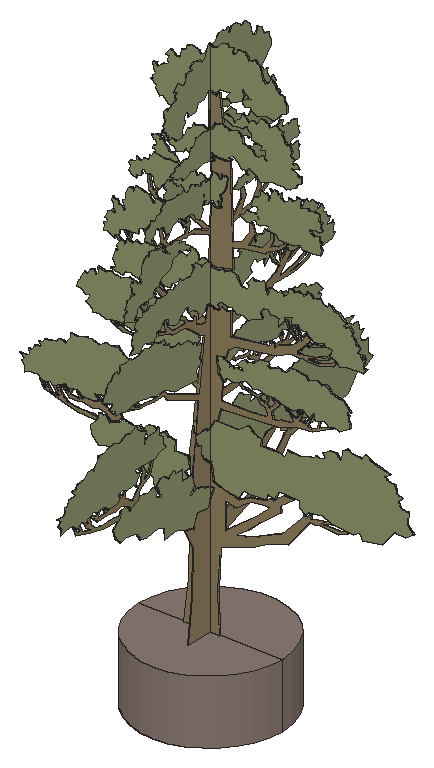
Revit family "L-PL상록교목_섬잣나무", category 수목, Revit 2019
Family settings
  OmniClass 번호 = 23.40.05.00
  OmniClass 제목 = Plants and Planting Products
  작업 기준면 기반 = 아니오
  항상 수직 = 예
  로드될 때 보이드를 사용하여 절단 = 아니오
  렌더 모양 소스 = 패밀리 형상
  공유 = 아니오
Parameters (values of type "섬잣나무")
  한국산업규격KS = ""
  콘 높이 = 뿌리분 직경 / 4  # 272.5 mm
  조달청표준공사코드-세부공종 = "10161599202809"
  뿌리분 직경 = (24 mm + ((R / 10) - 3 mm) * 5) * 10  # 1090 mm
  뿌리분 높이 = 뿌리분 직경 / 2  # 545 mm
  높이 = 5000 mm
  건설정보분류체계-부위분류 = "E985"
  R = 200 mm
  LIM_INFO_주의사항 = "재배포, 재가공, 판매 금지"
  LIM_INFO_제작일 = "20211210"
  LIM_INFO_버전 = "2022_V01"
  LIM_INFO_PL_학명 = "Quercus myrsinaefolia Bl."
  LIM_INFO_PL_품명 = "가시나무"
  LIM_INFO_PL_주당인정수량 = 0
  LIM_INFO_PL_수목단위 = "주"
  LIM_INFO_PL_규격 = "5.0H X 18R"
  LIM_INFO_PL_구분 = "상록교목"
  LIM_INFO_PL_가격 = 0
  LIM_INFO_PL_Qty [instance] = 0
  LIM_INFO_PL_M2당수량 = 0
  KBIMS_식별-버전 = ""
  KBIMS_식별-bSK등록번호 = ""
  KBIMS_보급정보-저작자 = "림인포테크_MMJ"
  KBIMS_보급정보-보급코드 = ""
  H = 높이  # 5000 mm
Reference planes
  plane 1 "중심(앞/뒤)": y = 0
  plane 2: z = 0
  plane 3 "중심(왼쪽/오른쪽)": x = 0
  plane 4: x = 482.5
  plane 5: x = -607.5
  plane 6: z = -545
  plane 7: z = -817.5
  plane 8: z = 5000
  plane 9: x = -100
  plane 10: x = 100
Forms (mm)
  Revolve 1, solid, material "흙"
    sketch origin (0, 0, 0) x (1, 0, 0) y (0, 0, 1)
      loop
        line (0, 0) -> (-607.5, 0) -> (-607.5, -545) -> (0, -545) -> (0, 0)
      axis (0, 0) -> (0, -545)
    angle from 0 to 360
  Revolve 2, solid, material "흙"
    sketch origin (0, 0, 0) x (1, 0, 0) y (0, 0, 1)
      loop
        line (0, -545) -> (-607.5, -545) -> (0, -817.5) -> (0, -545)
      axis (0, -545) -> (0, -817.5)
    angle from 0 to 360
Dimensions and locks
  "뿌리분 직경": plane 4 to plane 5
  "뿌리분 높이": plane 6 to level
  "콘 높이": plane 7 to plane 6
  "H": level to plane 8
  "R": plane 9 to plane 10
  aligned and locked: level to plane 2
Automatic sketch dimensions
  Revolve 1 sketch curve to level = 0 mm  (x2)
  Revolve 1 sketch curve to plane 5 = 0 mm
  Revolve 1 sketch curve to plane 3 "중심(왼쪽/오른쪽)" = 0 mm  (x2)
  Revolve 1 sketch curve to plane 6 = 0 mm  (x2)
  Revolve 2 sketch curve to plane 5 = 0 mm
  Revolve 2 sketch curve to plane 3 "중심(왼쪽/오른쪽)" = 0 mm  (x2)
  Revolve 2 sketch curve to plane 7 = 0 mm  (x2)
  Revolve 2 sketch curve to plane 6 = 0 mm  (x2)
Nested families
  nested 1: "섬잣나무_base" at (0, 0, 0), type "섬잣나무_base"
Definition of nested family "섬잣나무_base"
  Parameters (values of type "섬잣나무_base")
    Height = 6000 mm
  Reference planes
    plane 1 "중심(앞/뒤)": y = 0
    plane 2: z = 0
    plane 3 "중심(왼쪽/오른쪽)": x = 0
  Forms (mm)
    Revolve 1, solid, detail levels coarse
      sketch origin (-3.825, -0.971, 0) x (1, 0, 0) y (0, 0, 1)
        loop
          line (0, 4453.585) -> (-433.013, 4279.985) -> (-1475.227, 1440) -> (-100, 1440) -> (-100, 0) -> (0, 0) -> (0, 4453.585)
        axis (0, 4453.585) -> (0, 0)
      angle from 0 to 360
    Extrusion 2, solid, detail levels fine
      sketch origin (-3.825, -0.971, 0) x (1, 0, 0) y (0, 0, 1)
        loop
          line (100.99, 4484.287) -> (72.119, 4444.933) -> (30.126, 4434.438) -> (-0.057, 4453.46) -> (-43.678, 4358.19) -> (-77.054, 4345.106) -> (-88.834, 4367.349) -> (-154.279, 4382.396) -> (-196.163, 4360.153) -> (-189.618, 4333.33) -> (-238.047, 4325.48) -> (-246.555, 4271.181) -> (-270.769, 4254.172) -> (-327.051, 4295.386) -> (-370.899, 4242.396) -> (-336.868, 4235.854) -> (-355.847, 4205.76) -> (-342.758, 4176.321) -> (-390.31, 4161.808) -> (-434.696, 4127.226) -> (-455.583, 4141.581) -> (-439.918, 4155.936) -> (-477.124, 4146.148) -> (-470.596, 4098.516) -> (-458.194, 4067.848) -> (-482.998, 4040.443) -> (-468.638, 4008.471) -> (-498.011, 4012.386) -> (-446.445, 3977.151) -> (-452.32, 3961.491) -> (-418.377, 3908.639) -> (-394.879, 3922.341) -> (-345.923, 3869.489) -> (-291.094, 3872.099) -> (-287.177, 3917.774) -> (-254.54, 3964.101) -> (-264.984, 4020.216) -> (-224.514, 4048.926) -> (-217.762, 3996.193) -> (-142.045, 3998.151) -> (-119.852, 4050.351) -> (-60.453, 4054.918) -> (-18.678, 4109.728) -> (59.651, 4092.763) -> (88.371, 4129.956) -> (174.532, 4134.523) -> (143.854, 4099.288) -> (184.976, 4064.053) -> (235.237, 4092.111) -> (278.318, 4116.253) -> (291.372, 4154.098) -> (280.928, 4195.858) -> (349.466, 4149.53) -> (316.829, 4141.701) -> (284.192, 4104.508) -> (294.636, 4073.841) -> (345.529, 4080.893) -> (360.126, 4065.259) -> (404.961, 4038.159) -> (476.904, 4066.301) -> (542.592, 4051.709) -> (591.71, 4097.931) -> (618.099, 4131.615) -> (652.201, 4149.066) -> (653.006, 4207.588) -> (631.083, 4235.996) -> (631.489, 4268.462) -> (601.041, 4273.332) -> (564.642, 4298.817) -> (552.495, 4339.699) -> (512.619, 4362.941) -> (510.555, 4330.966) -> (476.505, 4315.494) -> (450.389, 4333.968) -> (431.029, 4414.203) -> (384.242, 4460.973) -> (328.178, 4435.168) -> (324.952, 4460.973) -> (291.475, 4485.97) -> (235.684, 4483.276) -> (226.315, 4434.438) -> (192.851, 4449.524) -> (202.038, 4488.879) -> (166.605, 4475.105) -> (146.921, 4496.75) -> (100.99, 4484.287)
        loop
          line (192.071, 3892.995) -> (219.184, 3904.233) -> (280.085, 3900.216) -> (313.724, 3932.524) -> (328.894, 3906.15) -> (357.257, 3893.623) -> (356.597, 3844.172) -> (402.109, 3840.875) -> (444.982, 3823.732) -> (435.747, 3800.655) -> (474.663, 3800.655) -> (477.549, 3795.503) -> (477.549, 3742.056) -> (482.076, 3731.939) -> (447.514, 3753.532) -> (414.033, 3727.621) -> (380.552, 3741.656) -> (367.591, 3765.409) -> (283.348, 3796.718) -> (280.791, 3829.277) -> (235.617, 3868.948) -> (172.29, 3852.911) -> (100.097, 3874.434) -> (48.591, 3854.177) -> (34.659, 3810.708) -> (-16.425, 3793.405) -> (-50.622, 3811.13) -> (-127.881, 3791.717) -> (-137.869, 3799.957) -> (-148.669, 3748.134) -> (-185.391, 3745.975) -> (-201.591, 3710.346) -> (-213.472, 3673.638) -> (-260.994, 3686.594) -> (-312.836, 3662.842) -> (-326.876, 3669.32) -> (-361.438, 3666.081) -> (-354.958, 3636.93) -> (-390.599, 3636.93) -> (-408.96, 3625.054) -> (-380.879, 3613.178) -> (-375.478, 3595.903) -> (-347.397, 3586.187) -> (-333.357, 3571.071) -> (-299.875, 3568.912) -> (-275.034, 3539.762) -> (-222.112, 3551.638) -> (-197.271, 3579.709) -> (-162.71, 3560.275) -> (-116.268, 3559.195) -> (-70.906, 3575.39) -> (0.377, 3567.832) -> (30.618, 3577.549) -> (12.257, 3604.541) -> (20.897, 3630.452) -> (67.339, 3616.417) -> (144.022, 3619.656) -> (194.784, 3639.089) -> (160.223, 3644.488) -> (192.624, 3669.32) -> (237.986, 3636.93) -> (270.387, 3599.142) -> (324.389, 3602.381) -> (327.63, 3623.974) -> (399.992, 3589.426) -> (422.673, 3553.797) -> (541.478, 3582.948) -> (574.959, 3582.948) -> (576.725, 3583.987) -> (622.586, 3583.987) -> (655.521, 3571.374) -> (677.335, 3590.614) -> (685.221, 3581.674) -> (713.884, 3606.957) -> (729.945, 3612.848) -> (740.638, 3648.336) -> (755.181, 3648.336) -> (777.423, 3658.598) -> (777.423, 3708.196) -> (763.308, 3700.073) -> (715.83, 3727.865) -> (696.583, 3746.25) -> (740.638, 3760.788) -> (759.031, 3760.788) -> (734.223, 3786.869) -> (702.571, 3786.869) -> (715.83, 3819.365) -> (692.44, 3828.909) -> (685.89, 3840.316) -> (698.294, 3868.535) -> (689.739, 3895.472) -> (676.48, 3916.851) -> (660.88, 3907.176) -> (635.38, 3923.346) -> (633.616, 3936.718) -> (609.896, 3971.513) -> (621.498, 3997.544) -> (580.504, 4000.637) -> (565.034, 4026.925) -> (512.437, 3988.008) -> (498.512, 4007.453) -> (460.239, 4034.423) -> (432.698, 4029.642) -> (406.142, 3984.513) -> (364.316, 3993.14) -> (329.129, 3966.594) -> (313.196, 3988.495) -> (268.714, 4009.068) -> (260.083, 3960.621) -> (240.83, 3956.639) -> (212.282, 3923.456) -> (193.042, 3948.213) -> (148.665, 3967.929) -> (115.188, 3927.978) -> (148.146, 3922.53) -> (192.071, 3892.995)
        loop
          line (-662.462, 3337.052) -> (-679.075, 3316.985) -> (-667.308, 3291.383) -> (-679.767, 3256.093) -> (-651.387, 3229.799) -> (-617.469, 3219.419) -> (-614.007, 3236.718) -> (-571.783, 3257.477) -> (-575.936, 3292.767) -> (-558.631, 3303.146) -> (-536.48, 3278.927) -> (-504.639, 3289.999) -> (-470.721, 3274.776) -> (-470.721, 3243.638) -> (-452.031, 3209.04) -> (-417.421, 3206.964) -> (-392.501, 3244.33) -> (-352.353, 3251.941) -> (-321.896, 3274.776) -> (-283.825, 3254.017) -> (-254.752, 3221.495) -> (-254.06, 3245.714) -> (-204.221, 3251.941) -> (-159.227, 3235.334) -> (-138.461, 3188.281) -> (-97.621, 3166.831) -> (-72.009, 3231.183) -> (-76.162, 3260.245) -> (-61.626, 3297.61) -> (-69.24, 3342.587) -> (-51.243, 3339.82) -> (-50.551, 3301.762) -> (-36.014, 3274.776) -> (-51.935, 3256.093) -> (-5.557, 3242.946) -> (23.516, 3274.776) -> (51.896, 3240.178) -> (82.353, 3245.714) -> (69.893, 3281.003) -> (100.351, 3290.691) -> (88.583, 3337.052) -> (126.654, 3374.417) -> (144.111, 3432.264) -> (141.749, 3451.324) -> (157.44, 3469.371) -> (155.753, 3484.382) -> (136.855, 3488.768) -> (128.588, 3476.624) -> (110.804, 3484.715) -> (112.867, 3454.466) -> (83.984, 3455.154) -> (69.201, 3482.362) -> (17.978, 3489.974) -> (29.053, 3462.988) -> (11.748, 3421.47) -> (-33.938, 3417.319) -> (-49.166, 3436.001) -> (-81.008, 3438.769) -> (-83.777, 3416.627) -> (-112.157, 3419.395) -> (-121.156, 3440.845) -> (-145.383, 3436.001) -> (-168.226, 3444.997) -> (-156.458, 3451.916) -> (-184.147, 3463.68) -> (-211.835, 3424.93) -> (-237.447, 3427.698) -> (-267.904, 3456.068) -> (-299.745, 3447.765) -> (-334.356, 3451.916) -> (-352.353, 3444.997) -> (-391.809, 3444.997) -> (-441.648, 3457.452) -> (-473.489, 3460.22) -> (-490.795, 3424.93) -> (-506.023, 3424.93) -> (-509.484, 3392.408) -> (-553.093, 3391.024) -> (-563.476, 3364.038) -> (-587.011, 3363.346) -> (-615.392, 3383.413) -> (-616.084, 3356.427) -> (-632.005, 3337.744) -> (-662.462, 3337.052)
        loop
          line (943.291, 3176) -> (948.872, 3217.844) -> (939.105, 3244.345) -> (953.058, 3272.938) -> (930.733, 3276.425) -> (930.036, 3309.9) -> (890.27, 3299.439) -> (857.48, 3316.874) -> (847.713, 3336.401) -> (900.734, 3351.046) -> (927.245, 3342.677) -> (953.756, 3360.112) -> (937.012, 3388.008) -> (950.267, 3414.509) -> (923.757, 3431.944) -> (927.943, 3478.669) -> (881.898, 3488.433) -> (842.83, 3473.09) -> (830.272, 3489.828) -> (773.763, 3474.485) -> (768.879, 3505.868) -> (778.646, 3534.461) -> (735.392, 3549.106) -> (740.973, 3526.789) -> (707.486, 3502.381) -> (666.325, 3510.052) -> (671.208, 3484.248) -> (634.931, 3475.182) -> (602.839, 3491.92) -> (606.327, 3529.579) -> (581.909, 3512.144) -> (560.98, 3528.882) -> (549.818, 3532.369) -> (534.47, 3514.934) -> (510.052, 3529.579) -> (521.912, 3500.288) -> (507.959, 3435.431) -> (527.493, 3427.062) -> (498.889, 3431.246) -> (498.889, 3466.814) -> (480.751, 3486.341) -> (474.472, 3467.511) -> (437.497, 3484.946) -> (425.637, 3427.76) -> (377.499, 3420.088) -> (360.755, 3387.311) -> (357.267, 3345.467) -> (401.917, 3357.323) -> (412.381, 3335.704) -> (387.964, 3307.11) -> (407.498, 3302.229) -> (415.172, 3266.662) -> (398.428, 3289.676) -> (369.127, 3298.044) -> (349.593, 3288.978) -> (316.804, 3298.742) -> (302.153, 3277.122) -> (290.991, 3256.898) -> (256.108, 3244.345) -> (316.106, 3210.87) -> (351.686, 3223.423) -> (386.568, 3249.227) -> (397.731, 3222.726) -> (431.218, 3219.239) -> (465.402, 3237.371) -> (501.68, 3236.674) -> (493.308, 3210.87) -> (530.981, 3204.593) -> (570.747, 3202.501) -> (585.398, 3171.816) -> (611.908, 3167.632) -> (665.627, 3165.539) -> (709.579, 3164.145) -> (758.414, 3189.251) -> (789.808, 3168.329) -> (873.526, 3166.237) -> (943.291, 3176)
        loop
          line (-713.437, 2963.237) -> (-708.955, 2931.443) -> (-725.353, 2938.532) -> (-731.09, 2965.002) -> (-771.251, 2962.355) -> (-769.045, 2983.531) -> (-777.871, 2995.884) -> (-805.234, 2989.266) -> (-817.15, 3007.795) -> (-827.3, 2979.119) -> (-806.999, 2952.208) -> (-809.206, 2923.973) -> (-789.346, 2898.385) -> (-802.586, 2888.238) -> (-822.887, 2903.679) -> (-837.892, 2885.591) -> (-860.842, 2881.621) -> (-866.579, 2852.062) -> (-882.908, 2828.68) -> (-868.786, 2822.945) -> (-860.305, 2798.153) -> (-893.438, 2787.583) -> (-887.798, 2762.213) -> (-893.438, 2726.273) -> (-860.305, 2727.682) -> (-797.563, 2697.38) -> (-801.087, 2717.816) -> (-762.314, 2743.891) -> (-760.904, 2774.193) -> (-719.311, 2797.449) -> (-654.454, 2794.63) -> (-599.467, 2802.382) -> (-601.582, 2837.617) -> (-573.383, 2852.416) -> (-531.085, 2851.711) -> (-532.495, 2867.92) -> (-505.001, 2903.155) -> (-457.768, 2910.907) -> (-413.355, 2927.115) -> (-383.021, 2991.17) -> (-329.898, 3004.336) -> (-325.507, 3044.274) -> (-310.58, 3016.186) -> (-243.847, 3005.214) -> (-216.627, 2981.515) -> (-207.407, 3016.186) -> (-224.09, 3030.669) -> (-246.92, 3031.985) -> (-263.165, 3067.534) -> (-284.677, 3076.311) -> (-325.946, 3079.822) -> (-321.556, 3101.327) -> (-358.435, 3117.566) -> (-387.85, 3119.76) -> (-390.923, 3096.939) -> (-414.192, 3114.494) -> (-442.291, 3116.688) -> (-467.755, 3091.672) -> (-444.047, 3074.117) -> (-421.656, 3049.101) -> (-471.267, 3076.75) -> (-497.17, 3105.716) -> (-502.877, 3125.465) -> (-549.415, 3130.732) -> (-552.639, 3139.739) -> (-596.328, 3147.578) -> (-627.764, 3152.446) -> (-629.176, 3118.576) -> (-639.764, 3112.225) -> (-652.47, 3135.511) -> (-684.235, 3116.459) -> (-711.059, 3067.065) -> (-709.906, 3013.531) -> (-731.09, 3007.354) -> (-727.56, 2976.031) -> (-713.437, 2963.237)
        loop
          line (-444.895, 3537.517) -> (-454.771, 3515.196) -> (-475.812, 3514.337) -> (-478.818, 3489.441) -> (-457.777, 3484.719) -> (-457.347, 3464.115) -> (-438.883, 3462.398) -> (-423.424, 3459.823) -> (-399.378, 3452.955) -> (-357.296, 3451.667) -> (-343.555, 3461.111) -> (-303.191, 3455.101) -> (-264.116, 3466.261) -> (-281.292, 3490.729) -> (-295.462, 3502.318) -> (-299.756, 3519.917) -> (-312.209, 3514.766) -> (-340.979, 3518.2) -> (-350.855, 3542.668) -> (-373.184, 3553.828) -> (-388.213, 3580.012) -> (-395.943, 3596.324) -> (-407.966, 3580.871) -> (-420.419, 3582.158) -> (-414.836, 3594.607) -> (-426.86, 3610.489) -> (-457.347, 3604.05) -> (-461.212, 3592.89) -> (-484.829, 3592.46) -> (-471.947, 3565.847) -> (-458.636, 3557.691) -> (-444.895, 3537.517)
        loop
          line (-351.881, 2770.706) -> (-370.427, 2752.167) -> (-427.491, 2777.836) -> (-446.036, 2740.759) -> (-466.722, 2757.872) -> (-500.246, 2749.315) -> (-540.904, 2759.298) -> (-575.142, 2722.22) -> (-621.527, 2740.689) -> (-647.206, 2717.159) -> (-697.849, 2726.428) -> (-711.402, 2660.829) -> (-727.808, 2682.22) -> (-714.255, 2694.341) -> (-743.5, 2705.75) -> (-783.445, 2654.412) -> (-770.605, 2610.203) -> (-796.997, 2610.916) -> (-816.256, 2530.343) -> (-801.277, 2504.674) -> (-796.997, 2483.283) -> (-836.228, 2461.892) -> (-777.738, 2449.058) -> (-732.088, 2439.788) -> (-709.262, 2475.44) -> (-670.031, 2484.709) -> (-650.059, 2466.883) -> (-599.415, 2459.753) -> (-561.61, 2474.014) -> (-560.897, 2508.952) -> (-513.82, 2525.352) -> (-506.687, 2553.161) -> (-465.316, 2570.273) -> (-423.945, 2560.291) -> (-431.791, 2513.944) -> (-378.294, 2483.283) -> (-330.503, 2483.283) -> (-316.237, 2518.935) -> (-251.04, 2563.103) -> (-218.942, 2559.538) -> (-214.662, 2512.478) -> (-175.431, 2516.043) -> (-125.5, 2483.956) -> (-109.808, 2451.87) -> (-107.668, 2420.496) -> (-47.751, 2449.018) -> (-32.772, 2490.374) -> (10.739, 2486.095) -> (51.397, 2468.983) -> (83.495, 2468.983) -> (67.802, 2493.226) -> (90.628, 2526.738) -> (159.104, 2508.913) -> (187.636, 2524.599) -> (232.573, 2483.243) -> (291.064, 2488.948) -> (330.295, 2466.844) -> (366.673, 2493.226) -> (448.72, 2526.398) -> (432.421, 2566.068) -> (460.059, 2606.447) -> (496.2, 2606.447) -> (516.751, 2574.569) -> (547.932, 2578.819) -> (591.869, 2574.569) -> (581.239, 2552.608) -> (588.325, 2513.646) -> (635.097, 2568.901) -> (635.097, 2597.946) -> (700.293, 2629.824) -> (694.624, 2590.862) -> (694.904, 2569.605) -> (749.471, 2580.939) -> (764.352, 2558.27) -> (790.573, 2553.312) -> (817.502, 2556.854) -> (844.431, 2524.267) -> (883.407, 2501.598) -> (924.509, 2500.89) -> (973.406, 2526.392) -> (973.406, 2514.35) -> (985.453, 2496.64) -> (1000.335, 2503.724) -> (1038.602, 2491.681) -> (1014.508, 2411.632) -> (1030.098, 2433.592) -> (1071.909, 2413.757) -> (1098.838, 2388.963) -> (1154.113, 2409.507) -> (1207.262, 2401.006) -> (1272.459, 2415.174) -> (1298.679, 2409.507) -> (1329.86, 2447.76) -> (1300.805, 2444.927) -> (1303.64, 2485.305) -> (1317.813, 2513.641) -> (1306.474, 2546.228) -> (1293.01, 2503.724) -> (1280.963, 2538.435) -> (1256.868, 2539.144) -> (1225.687, 2546.228) -> (1263.955, 2561.812) -> (1274.585, 2587.315) -> (1238.443, 2607.15) -> (1234.9, 2636.903) -> (1198.05, 2656.738) -> (1213.64, 2682.24) -> (1188.129, 2722.619) -> (1166.869, 2700.658) -> (1127.184, 2708.451) -> (1161.046, 2736.13) -> (1129.157, 2758.09) -> (1092.307, 2789.968) -> (1059.708, 2792.801) -> (1034.906, 2821.137) -> (1004.433, 2826.805) -> (1003.016, 2797.052) -> (954.119, 2811.928) -> (934.985, 2840.264) -> (909.473, 2835.305) -> (883.253, 2825.388) -> (856.324, 2848.765) -> (824.435, 2857.266) -> (825.143, 2830.347) -> (786.167, 2823.971) -> (750.734, 2837.431) -> (719.554, 2816.179) -> (704.672, 2829.638) -> (665.551, 2827.922) -> (665.551, 2788.319) -> (631.011, 2753.792) -> (597.63, 2787.185) -> (572.726, 2762.291) -> (521.787, 2782.659) -> (488.276, 2764.159) -> (506.201, 2741.222) -> (493.295, 2722.586) -> (473.935, 2761.292) -> (474.652, 2789.246) -> (456.009, 2810.749) -> (436.65, 2798.564) -> (382.873, 2789.962) -> (362.796, 2803.581) -> (335.549, 2769.893) -> (310.453, 2748.39) -> (340.568, 2733.338) -> (316.189, 2693.916) -> (263.129, 2716.852) -> (230.441, 2769.674) -> (212.562, 2780.397) -> (174.659, 2788.976) -> (127.458, 2768.244) -> (118.877, 2783.257) -> (73.822, 2757.52) -> (9.457, 2763.24) -> (10.888, 2789.691) -> (-12.712, 2807.563) -> (-59.913, 2805.419) -> (-95.671, 2779.682) -> (-94.956, 2816.857) -> (-128.568, 2850.457) -> (-175.768, 2854.747) -> (-154.299, 2824.184) -> (-192.817, 2776.41) -> (-229.195, 2784.967) -> (-296.958, 2779.263) -> (-281.265, 2787.106) -> (-308.37, 2807.071) -> (-317.643, 2776.41) -> (-351.881, 2770.706)
        loop
          line (300.429, 2158.583) -> (275.037, 2144.079) -> (232.958, 2102.74) -> (274.312, 2091.137) -> (287.37, 2066.479) -> (255.449, 2069.38) -> (228.605, 2073.006) -> (202.487, 2061.402) -> (204.664, 2077.357) -> (173.468, 2067.204) -> (169.84, 2087.511) -> (125.585, 2099.114) -> (113.251, 2117.97) -> (69.722, 2100.565) -> (79.879, 2059.227) -> (72.624, 2048.348) -> (90.761, 2008.46) -> (84.957, 1985.253) -> (132.201, 1936.846) -> (133.36, 1965.808) -> (213.322, 1958.857) -> (307.192, 2001.72) -> (341.958, 1987.818) -> (361.659, 1965.808) -> (409.173, 1979.709) -> (470.594, 1958.857) -> (554.033, 1958.857) -> (598.071, 1943.797) -> (632.837, 1931.054) -> (709.323, 1915.994) -> (767.267, 1951.906) -> (795.081, 1946.114) -> (846.071, 1909.043) -> (881.997, 1954.223) -> (899.38, 1909.043) -> (963.118, 1928.737) -> (986.296, 1917.152) -> (1003.679, 1902.092) -> (1056.988, 1911.36) -> (1101.025, 1896.3) -> (1186.782, 1947.272) -> (1184.465, 1976.234) -> (1171.717, 2010.987) -> (1178.67, 2042.266) -> (1148.539, 2061.96) -> (1193.736, 2073.544) -> (1133.474, 2144.21) -> (1095.231, 2147.686) -> (1026.857, 2163.904) -> (1009.474, 2192.866) -> (981.66, 2206.767) -> (944.576, 2194.024) -> (906.333, 2211.401) -> (836.8, 2190.549) -> (813.623, 2221.827) -> (766.109, 2221.827) -> (726.707, 2235.729) -> (695.919, 2228.261) -> (676.33, 2228.261) -> (677.781, 2209.405) -> (651.663, 2184.022) -> (613.843, 2186.867) -> (594.981, 2194.12) -> (571.039, 2197.746) -> (518.804, 2172.363) -> (494.862, 2181.066) -> (504.294, 2193.395) -> (488.333, 2209.35) -> (431.744, 2207.899) -> (399.097, 2183.966) -> (382.41, 2158.583) -> (363.547, 2163.66) -> (324.371, 2148.43) -> (300.429, 2158.583)
        loop
          line (-302.228, 2298.993) -> (-317.371, 2326.115) -> (-372.854, 2315.587) -> (-413.217, 2338.643) -> (-423.308, 2363.862) -> (-452.86, 2363.141) -> (-486.016, 2388.359) -> (-456.464, 2385.477) -> (-476.646, 2421.503) -> (-515.568, 2412.136) -> (-566.023, 2435.913) -> (-621.834, 2424.258) -> (-677.099, 2441.522) -> (-733.58, 2417.051) -> (-805.03, 2416.329) -> (-833.899, 2435.087) -> (-869.263, 2419.937) -> (-942.879, 2431.48) -> (-936.383, 2395.407) -> (-942.157, 2366.549) -> (-962.365, 2368.713) -> (-973.912, 2400.457) -> (-1008.555, 2385.307) -> (-1033.093, 2346.348) -> (-1056.91, 2352.12) -> (-1084.336, 2302.339) -> (-1085.057, 2279.253) -> (-1107.431, 2272.038) -> (-1121.143, 2222.258) -> (-1087.944, 2217.207) -> (-1050.415, 2186.185) -> (-1016.494, 2192.678) -> (-1020.824, 2162.377) -> (-1045.363, 2136.404) -> (-1022.989, 2123.418) -> (-987.625, 2097.445) -> (-984.017, 2070.752) -> (-931.331, 2072.916) -> (-876.48, 2054.88) -> (-814.413, 2075.08) -> (-755.953, 2078.688) -> (-701.103, 2067.144) -> (-656.213, 2052.181) -> (-600.686, 2052.812) -> (-554.624, 2035.781) -> (-469.441, 2037.673) -> (-367.852, 1979.013) -> (-264.371, 1975.859) -> (-125.554, 1961.983) -> (-141.957, 2037.86) -> (-74.442, 2088.32) -> (-95.264, 2100.304) -> (-108.515, 2117.966) -> (-87.061, 2169.688) -> (-89.585, 2224.563) -> (-133.123, 2222.04) -> (-144.481, 2251.686) -> (-189.912, 2251.686) -> (-189.912, 2272.501) -> (-213.89, 2298.993) -> (-253.642, 2298.993) -> (-302.228, 2298.993)
        loop
          line (52.176, 1610.503) -> (-0.542, 1516.396) -> (-34.433, 1548.393) -> (-137.988, 1542.746) -> (-122.926, 1465.579) -> (-75.855, 1454.286) -> (-83.387, 1380.883) -> (-45.73, 1331.947) -> (27.7, 1273.601) -> (42.762, 1153.144) -> (127.489, 1119.266) -> (244.224, 1094.798) -> (293.178, 1166.319) -> (328.951, 1155.026) -> (479.577, 1166.319) -> (494.639, 1205.844) -> (553.007, 1196.433) -> (588.781, 1260.426) -> (669.742, 1260.426) -> (758.234, 1252.897) -> (760.117, 1202.08) -> (812.836, 1168.201) -> (839.196, 1192.669) -> (954.048, 1209.608) -> (1033.126, 1179.494) -> (1083.962, 1173.848) -> (1168.689, 1160.673) -> (1221.408, 1158.79) -> (1268.479, 1194.551) -> (1292.956, 1141.851) -> (1462.409, 1166.319) -> (1565.965, 1299.951) -> (1654.457, 1288.658) -> (1727.887, 1335.711) -> (1671.403, 1392.175) -> (1678.934, 1491.929) -> (1661.989, 1484.4) -> (1613.035, 1501.339) -> (1594.207, 1538.982) -> (1631.863, 1576.625) -> (1579.144, 1595.446) -> (1579.144, 1616.15) -> (1567.847, 1661.321) -> (1511.363, 1661.321) -> (1477.472, 1691.435) -> (1530.191, 1719.667) -> (1422.87, 1747.899) -> (1379.565, 1757.31) -> (1319.315, 1800.599) -> (1289.19, 1761.074) -> (1196.932, 1761.074) -> (1165.757, 1786.38) -> (1123.213, 1761.572) -> (1123.213, 1729.675) -> (1107.85, 1688.328) -> (1071.215, 1723.768) -> (1019.216, 1723.768) -> (977.854, 1695.416) -> (953.97, 1687.769) -> (978.385, 1646.353) -> (930.296, 1629.343) -> (899.222, 1641.176) -> (888.125, 1624.906) -> (848.61, 1616.15) -> (756.352, 1591.682) -> (660.328, 1601.093) -> (633.968, 1533.336) -> (590.663, 1559.686) -> (519.116, 1559.686) -> (432.506, 1554.039) -> (440.038, 1601.093) -> (387.319, 1625.56) -> (325.186, 1666.967) -> (246.107, 1610.503) -> (163.263, 1610.503) -> (52.176, 1610.503)
        loop
          line (-666.883, 1812.178) -> (-717.172, 1833.221) -> (-756.883, 1864.619) -> (-770.969, 1891.676) -> (-827.106, 1862.449) -> (-871.548, 1875.308) -> (-935.871, 1841.405) -> (-997.855, 1863.618) -> (-1058.67, 1855.434) -> (-1112.467, 1839.067) -> (-1117.145, 1840.236) -> (-1172.113, 1844.912) -> (-1174.452, 1813.347) -> (-1215.385, 1758.4) -> (-1234.097, 1768.921) -> (-1269.182, 1768.921) -> (-1310.115, 1737.356) -> (-1340.523, 1730.342) -> (-1395.49, 1723.327) -> (-1400.168, 1696.438) -> (-1441.101, 1690.593) -> (-1406.015, 1649.674) -> (-1445.779, 1650.844) -> (-1480.864, 1648.505) -> (-1491.39, 1606.418) -> (-1524.136, 1612.264) -> (-1517.119, 1571.345) -> (-1541.679, 1550.302) -> (-1602.494, 1551.471) -> (-1558.052, 1522.244) -> (-1589.629, 1495.355) -> (-1560.391, 1459.113) -> (-1563.9, 1417.026) -> (-1520.628, 1436.9) -> (-1484.373, 1434.562) -> (-1450.457, 1438.069) -> (-1421.219, 1412.349) -> (-1387.303, 1400.659) -> (-1348.709, 1425.209) -> (-1322.98, 1402.997) -> (-1252.809, 1429.886) -> (-1223.571, 1449.76) -> (-1193.164, 1425.209) -> (-1113.637, 1439.238) -> (-1065.687, 1402.997) -> (-970.956, 1400.659) -> (-940.549, 1422.871) -> (-966.278, 1461.451) -> (-919.498, 1473.142) -> (-856.344, 1455.606) -> (-779.156, 1463.789) -> (-732.376, 1531.596) -> (-768.63, 1539.78) -> (-782.665, 1566.669) -> (-690.273, 1572.515) -> (-575.661, 1564.331) -> (-530.05, 1587.713) -> (-459.879, 1604.08) -> (-494.964, 1642.66) -> (-493.795, 1696.438) -> (-528.88, 1724.496) -> (-534.728, 1785.289) -> (-562.796, 1760.738) -> (-643.493, 1759.569) -> (-696.121, 1728.003) -> (-696.121, 1777.105) -> (-666.883, 1812.178)
        loop
          line (-644.119, 1327.333) -> (-666.95, 1338.744) -> (-729.735, 1353.959) -> (-752.566, 1323.529) -> (-843.89, 1285.491) -> (-878.136, 1331.136) -> (-939.019, 1325.431) -> (-942.824, 1272.178) -> (-1007.512, 1213.219) -> (-992.291, 1144.752) -> (-937.116, 1085.793) -> (-881.942, 1102.91) -> (-769.69, 1083.891) -> (-727.833, 1021.129) -> (-663.145, 1005.914) -> (-529.965, 1021.129) -> (-470.985, 998.306) -> (-465.277, 903.212) -> (-332.097, 920.329) -> (-252.189, 887.997) -> (-177.988, 870.88) -> (-149.45, 907.016) -> (-128.521, 964.073) -> (-16.269, 946.956) -> (37.003, 1097.205) -> (-1.049, 1095.303) -> (-61.931, 1125.733) -> (-130.424, 1144.752) -> (-183.696, 1112.42) -> (-206.527, 1133.34) -> (-166.573, 1178.986) -> (-185.599, 1266.472) -> (-292.143, 1264.57) -> (-286.435, 1350.903) -> (-352.172, 1350.903) -> (-372.051, 1382.487) -> (-423.421, 1350.155) -> (-478.595, 1384.389) -> (-512.842, 1384.389) -> (-554.698, 1344.45) -> (-522.355, 1300.706) -> (-516.647, 1241.748) -> (-560.406, 1272.178) -> (-552.796, 1302.608) -> (-587.042, 1352.057) -> (-644.119, 1327.333)
      from 0 to 5
    Extrusion 3, solid, detail levels fine
      sketch origin (-3.825, -0.971, 0) x (1, 0, 0) y (0, 0, 1)
        loop
          line (88.358, 4106.537) -> (63.165, 4078.784) -> (-1.101, 4094.716) -> (6.097, 3818.728) -> (25.428, 3824.289) -> (43.889, 3864.272) -> (114.654, 3889.389) -> (88.358, 4106.537)
        loop
          line (179.909, 3506.882) -> (176.764, 3620.581) -> (142.281, 3604.048) -> (35.537, 3604.048) -> (48.629, 3580.895) -> (19.425, 3557.238) -> (21.617, 3496.076) -> (78.82, 3488.81) -> (87.59, 3460.721) -> (103.568, 3460.721) -> (103.568, 3496.132) -> (124.996, 3487.836) -> (134.155, 3498.608) -> (160.243, 3491.84) -> (163.429, 3471.136) -> (147.099, 3445.854) -> (150.485, 3421.568) -> (130.963, 3366.927) -> (98.701, 3334.28) -> (109.215, 3302.114) -> (99.123, 3266.188) -> (109.966, 3245.77) -> (61.868, 3220.227) -> (17.244, 3234.379) -> (10.112, 3060.886) -> (-1.743, 3053.57) -> (-161.32, 3117.504) -> (-231.331, 3117.504) -> (-200.652, 3185.917) -> (-220.318, 3239.39) -> (-240.34, 3237.204) -> (-227.083, 3187.586) -> (-251.131, 3199.297) -> (-272.095, 3233.198) -> (-288.743, 3249.84) -> (-288.743, 3235.663) -> (-266.237, 3188.511) -> (-239.724, 3169.095) -> (-251.747, 3123.175) -> (-429.403, 3129.293) -> (-456.533, 3154.873) -> (-430.944, 3200.176) -> (-448.209, 3200.176) -> (-466.09, 3172.747) -> (-495.092, 3197.183) -> (-502.183, 3276.387) -> (-520.502, 3274.747) -> (-510.081, 3166.624) -> (-457.155, 3113.098) -> (-447.963, 3122.187) -> (-360.186, 3121.072) -> (-316.505, 3103.369) -> (-318.463, 3095.982) -> (-256.603, 3097.149) -> (-236.095, 3089.383) -> (-222.423, 3095.285) -> (-177.369, 3095.285) -> (-166.183, 3085.345) -> (-143.189, 3075.717) -> (-6.161, 3013.906) -> (7.479, 2996.823) -> (-0.118, 2812.023) -> (22.696, 2782.701) -> (58.082, 2782.701) -> (103.245, 2799.456) -> (128.853, 2792.94) -> (151.201, 2803.18) -> (199.375, 2803.18) -> (194.637, 2974.46) -> (294.145, 2997.311) -> (473.089, 3022.316) -> (500.989, 3050.686) -> (601.045, 3100.696) -> (665.627, 3159.36) -> (636.641, 3159.36) -> (596.715, 3126.662) -> (512.534, 3087.712) -> (540.434, 3137.241) -> (540.434, 3196.868) -> (517.345, 3196.868) -> (517.345, 3148.782) -> (451.789, 3061.215) -> (334.898, 3043.904) -> (386.157, 3143.027) -> (360.907, 3214.592) -> (337.784, 3206.434) -> (339.293, 3139.233) -> (269.332, 3043.531) -> (193.373, 3020.155) -> (179.909, 3506.882)
        loop
          line (-493.466, 2757.268) -> (-451.278, 2760.605) -> (-528.673, 2845.557) -> (-568.736, 2844.95) -> (-493.466, 2757.268)
        loop
          line (-776.442, 2727.525) -> (-792.316, 2717.393) -> (-757.854, 2692.234) -> (-747.563, 2706.113) -> (-776.442, 2727.525)
        loop
          line (-691.868, 2733.812) -> (-672.528, 2727.272) -> (-652.237, 2787.272) -> (-671.268, 2787.272) -> (-680.052, 2758.979) -> (-700.547, 2783.858) -> (-714.216, 2789.318) -> (-722.995, 2783.858) -> (-691.868, 2733.812)
        loop
          line (-446.383, 2471.522) -> (-512.462, 2491.41) -> (-525.252, 2509.167) -> (-537.981, 2504.732) -> (-528.406, 2477.246) -> (-432.173, 2451.635) -> (-390.251, 2420.383) -> (-248.856, 2411.149) -> (-114.566, 2304.608) -> (-67.118, 2280.574) -> (-46.093, 2245.765) -> (-96.046, 1845.706) -> (-442.569, 1994.461) -> (-474.377, 2030.233) -> (-510.189, 2030.233) -> (-487.393, 2016.277) -> (-570.629, 2016.277) -> (-673.913, 2029.031) -> (-711.582, 2029.031) -> (-765.655, 2070.33) -> (-785.647, 2069.291) -> (-738.483, 2028.228) -> (-789.83, 2047.238) -> (-813.032, 2067.39) -> (-834.331, 2060.546) -> (-801.241, 2035.452) -> (-736.201, 2011.118) -> (-678.008, 2011.118) -> (-572.27, 1997.811) -> (-475.662, 1997.811) -> (-439.151, 1953.226) -> (-107.812, 1802.302) -> (-111.443, 1788.91) -> (-130.457, 1577.252) -> (-132.483, 1554.699) -> (-33.197, 1559.93) -> (-4.389, 1534.622) -> (48.074, 1619.893) -> (72.001, 1622.17) -> (93.81, 1720.638) -> (598.904, 1749.264) -> (632.518, 1771.869) -> (748.974, 1803.815) -> (869.955, 1817.469) -> (1042.744, 1898.147) -> (1015.665, 1896.894) -> (930.891, 1867.742) -> (935.299, 1914.181) -> (922.413, 1909.436) -> (913.936, 1856.217) -> (862.733, 1837.913) -> (830.18, 1850.794) -> (867.819, 1927.401) -> (851.179, 1906.474) -> (815.222, 1861.255) -> (758.539, 1861.255) -> (786.684, 1915.877) -> (770.746, 1946.045) -> (761.613, 1941.221) -> (775.693, 1914.569) -> (761.591, 1896.217) -> (744.297, 1932.487) -> (738.447, 1929.603) -> (756.733, 1882.38) -> (747.368, 1868.55) -> (703.31, 1873.869) -> (685.644, 1896.635) -> (654.181, 1923.909) -> (647.718, 1925.772) -> (670.931, 1897.347) -> (647.549, 1909.57) -> (641.757, 1925.867) -> (635.663, 1928.215) -> (641.748, 1905.011) -> (677.235, 1889.531) -> (686.698, 1873.622) -> (707.13, 1837.933) -> (688.825, 1818.279) -> (603.921, 1811.026) -> (569.511, 1795.15) -> (535.982, 1795.15) -> (525.852, 1847.747) -> (604.287, 1928.915) -> (587.317, 1937.051) -> (572.794, 1927.718) -> (540.289, 1953.643) -> (523.345, 1953.643) -> (561.383, 1916.311) -> (539.811, 1894.331) -> (507.785, 1872.756) -> (480.467, 1890.385) -> (499.622, 1920.069) -> (491.186, 1952.606) -> (479.084, 1952.606) -> (485.308, 1922.533) -> (466.289, 1895.57) -> (435.859, 1902.484) -> (420.99, 1923.915) -> (455.224, 1958.828) -> (441.138, 1963.61) -> (410.27, 1934.977) -> (371.828, 1935.034) -> (316.909, 1950.973) -> (284.484, 1948.62) -> (259.837, 1972.565) -> (242.826, 1965.971) -> (278.236, 1934.739) -> (318.505, 1934.739) -> (367.107, 1917.388) -> (401.822, 1917.388) -> (426.026, 1878.937) -> (472.207, 1861.181) -> (495.298, 1820.344) -> (495.298, 1796.374) -> (363.859, 1780.394) -> (244.854, 1780.394) -> (99.766, 1779.306) -> (111.327, 1934.923) -> (69.613, 1978.435) -> (70.97, 2025.14) -> (57.465, 2079.497) -> (63.891, 2108.779) -> (123.243, 2130.806) -> (136.393, 2108.069) -> (159.455, 2188.66) -> (210.727, 2225.379) -> (570.267, 2283.904) -> (687.189, 2342.882) -> (750.037, 2335.856) -> (795.933, 2344.122) -> (826.53, 2334.203) -> (923.696, 2334.203) -> (1050.632, 2373.468) -> (1072.698, 2404.871) -> (1059.302, 2413.535) -> (1042.8, 2388.018) -> (924.135, 2351.921) -> (833.892, 2351.921) -> (826.415, 2357.592) -> (916.142, 2374.087) -> (1009.504, 2413.879) -> (1021.107, 2458.984) -> (996.354, 2428.313) -> (913.063, 2392.73) -> (742.562, 2362.16) -> (742.562, 2380.669) -> (804.282, 2443.394) -> (843.187, 2443.336) -> (970.705, 2496.64) -> (966.264, 2507.263) -> (887.35, 2474.276) -> (913.195, 2495.191) -> (899.247, 2495.191) -> (844.274, 2454.181) -> (816.787, 2458.692) -> (864.562, 2508.581) -> (840.19, 2519.665) -> (827.911, 2536.287) -> (778.281, 2475.167) -> (768.979, 2485.482) -> (822.607, 2539.345) -> (815.999, 2550.27) -> (807.866, 2536.296) -> (766.692, 2501.743) -> (756.017, 2555.351) -> (743.037, 2564.688) -> (752.459, 2496.407) -> (756.525, 2466.935) -> (734.413, 2474.811) -> (707.218, 2510.635) -> (687.901, 2529.436) -> (711.793, 2563.736) -> (696.071, 2559.206) -> (677.047, 2537.733) -> (659.553, 2589.664) -> (644.19, 2584.489) -> (665.591, 2520.958) -> (743.413, 2447.054) -> (697.368, 2413.992) -> (625.383, 2382.875) -> (587.77, 2374.447) -> (546.969, 2342.034) -> (546.969, 2367.246) -> (533.295, 2375.096) -> (513.176, 2340.047) -> (182.516, 2297.04) -> (182.516, 2485.123) -> (140.685, 2473.395) -> (99.288, 2488.108) -> (87.107, 2453.835) -> (38.572, 2453.835) -> (-17.651, 2473.545) -> (-31.975, 2358.834) -> (-93.25, 2368.533) -> (-140.855, 2392.682) -> (-140.855, 2450.924) -> (-159.329, 2460.158) -> (-159.329, 2426.775) -> (-223.987, 2450.924) -> (-256.672, 2499.223) -> (-297.172, 2514.849) -> (-304.663, 2495.434) -> (-267.52, 2481.104) -> (-249.566, 2447.373) -> (-290.777, 2447.373) -> (-371.778, 2447.373) -> (-452.778, 2507.036) -> (-461.304, 2556.755) -> (-474.774, 2554.445) -> (-465.369, 2499.602) -> (-446.383, 2471.522)
        loop
          line (-138.677, 1506.979) -> (-166.073, 1299.032) -> (-162.646, 1232.6) -> (-157.571, 1134.218) -> (-132.372, 1151.406) -> (-65.076, 1136.885) -> (0.979, 1101.244) -> (45.642, 1105.817) -> (-11.068, 939.035) -> (-125.639, 956.111) -> (-142.721, 909.298) -> (-151.47, 893.002) -> (-149.256, 802.345) -> (-177.805, 862.697) -> (-256.432, 879.54) -> (-164.81, 705.938) -> (-173.819, 344.074) -> (-215.785, 0) -> (84.215, 0) -> (69.545, 328.016) -> (90.257, 665.101) -> (389.776, 777.83) -> (499.429, 835.42) -> (667.88, 887.943) -> (847.702, 1116.142) -> (849.062, 1122.659) -> (886.092, 1114.931) -> (936.112, 1128.681) -> (1093.049, 1115.556) -> (1178.708, 1155.557) -> (1146.821, 1155.557) -> (1093.675, 1141.807) -> (951.743, 1149.307) -> (1033.025, 1169.932) -> (1003.013, 1181.808) -> (855.235, 1152.235) -> (862.768, 1188.328) -> (819.129, 1156.649) -> (793.154, 1156.649) -> (785.881, 1135.357) -> (617.04, 958.269) -> (355.536, 840.643) -> (230.334, 808.964) -> (334.292, 883.645) -> (429.973, 971.807) -> (603.864, 1110.702) -> (598.726, 1159.45) -> (715.4, 1246.924) -> (629.261, 1246.924) -> (569.558, 1204.749) -> (557.578, 1182.36) -> (507.575, 1182.36) -> (484.136, 1156.326) -> (347.148, 1134.978) -> (257.947, 1088.937) -> (123.677, 1112.171) -> (29.746, 1153.317) -> (19.719, 1268.843) -> (-54.772, 1331.844) -> (-92.239, 1383.541) -> (-85.379, 1447.37) -> (-130.234, 1460.03) -> (-138.677, 1506.979)
        loop
          line (133.653, 1035.568) -> (132.819, 811.253) -> (384.743, 997.209) -> (515.71, 1117.289) -> (462.322, 1117.289) -> (357.362, 1103.737) -> (273.677, 1056.386) -> (230.347, 1018.939) -> (133.653, 1035.568)
        loop
          line (-988.382, 1345.804) -> (-934.003, 1362.36) -> (-876.336, 1344.855) -> (-830.444, 1301.092) -> (-760.097, 1330.972) -> (-740.774, 1355.72) -> (-746.397, 1381.566) -> (-709.717, 1415.177) -> (-631.263, 1457.445) -> (-592.036, 1560.824) -> (-607.829, 1560.824) -> (-643.49, 1476.287) -> (-688.893, 1446.14) -> (-688.893, 1473.376) -> (-666.057, 1513.993) -> (-699.269, 1562.899) -> (-722.856, 1561.809) -> (-699.513, 1521.735) -> (-716.585, 1478.944) -> (-716.585, 1446.32) -> (-738.765, 1428.899) -> (-776.138, 1459.681) -> (-787.022, 1457.599) -> (-747.655, 1417.297) -> (-778.2, 1388.733) -> (-794.799, 1365.543) -> (-809.866, 1353.571) -> (-892.077, 1410.577) -> (-894.126, 1436.77) -> (-881.821, 1455.098) -> (-895.214, 1459.603) -> (-905.261, 1442.027) -> (-908.066, 1417.13) -> (-940.982, 1459.185) -> (-954.415, 1456.598) -> (-930.27, 1421.803) -> (-967.812, 1395.751) -> (-1066.225, 1398.13) -> (-1075.299, 1385.933) -> (-1113.999, 1431.003) -> (-1125.491, 1427.207) -> (-1093.036, 1380.242) -> (-1167.912, 1379.447) -> (-1173.48, 1385.973) -> (-1154.472, 1427.236) -> (-1169.601, 1424.9) -> (-1191.69, 1396.662) -> (-1237.965, 1432.86) -> (-1250.64, 1423.864) -> (-1179.489, 1354.2) -> (-1109.8, 1354.2) -> (-1071.288, 1359.244) -> (-988.382, 1345.804)
        loop
          line (-1131.243, 1301.587) -> (-1196.119, 1314.922) -> (-1247.782, 1357.452) -> (-1266.322, 1419.615) -> (-1280.299, 1414.26) -> (-1270.878, 1371.426) -> (-1303.742, 1402.755) -> (-1314.639, 1398.767) -> (-1300.963, 1361.401) -> (-1240.184, 1323.124) -> (-1338.343, 1345.908) -> (-1368.931, 1403.722) -> (-1381.496, 1395.729) -> (-1369.34, 1364.439) -> (-1395.475, 1364.439) -> (-1411.582, 1397.855) -> (-1434.678, 1412.437) -> (-1405.2, 1350.161) -> (-1248.086, 1304.289) -> (-1112.114, 1274.544) -> (-958.255, 1266.779) -> (-948.752, 1276.636) -> (-946.856, 1293.422) -> (-991.884, 1300.197) -> (-996.972, 1300.197) -> (-1045.959, 1301.587) -> (-1131.243, 1301.587)
      from 0 to 5
    Extrusion 4, solid, detail levels fine
      sketch origin (-3.628, -16.167, 0) x (0, 1, 0) y (0, 0, 1)
        loop
          line (100.99, 4484.287) -> (72.119, 4444.933) -> (30.126, 4434.438) -> (-0.057, 4453.46) -> (-43.678, 4358.19) -> (-77.054, 4345.106) -> (-88.834, 4367.349) -> (-154.279, 4382.396) -> (-196.163, 4360.153) -> (-189.618, 4333.33) -> (-238.047, 4325.48) -> (-246.555, 4271.181) -> (-270.769, 4254.172) -> (-327.051, 4295.386) -> (-370.899, 4242.396) -> (-336.868, 4235.854) -> (-355.847, 4205.76) -> (-342.758, 4176.321) -> (-390.31, 4161.808) -> (-434.696, 4127.226) -> (-455.583, 4141.581) -> (-439.918, 4155.936) -> (-477.124, 4146.148) -> (-470.596, 4098.516) -> (-458.194, 4067.848) -> (-482.998, 4040.443) -> (-468.638, 4008.471) -> (-498.011, 4012.386) -> (-446.445, 3977.151) -> (-452.32, 3961.491) -> (-418.377, 3908.639) -> (-394.879, 3922.341) -> (-345.923, 3869.489) -> (-291.094, 3872.099) -> (-287.177, 3917.774) -> (-254.54, 3964.101) -> (-264.984, 4020.216) -> (-224.514, 4048.926) -> (-217.762, 3996.193) -> (-142.045, 3998.151) -> (-119.852, 4050.351) -> (-60.453, 4054.918) -> (-18.678, 4109.728) -> (59.651, 4092.763) -> (88.371, 4129.956) -> (174.532, 4134.523) -> (143.854, 4099.288) -> (184.976, 4064.053) -> (235.237, 4092.111) -> (278.318, 4116.253) -> (291.372, 4154.098) -> (280.928, 4195.858) -> (349.466, 4149.53) -> (316.829, 4141.701) -> (284.192, 4104.508) -> (294.636, 4073.841) -> (345.529, 4080.893) -> (360.126, 4065.259) -> (404.961, 4038.159) -> (476.904, 4066.301) -> (542.592, 4051.709) -> (591.71, 4097.931) -> (618.099, 4131.615) -> (652.201, 4149.066) -> (653.006, 4207.588) -> (631.083, 4235.996) -> (631.489, 4268.462) -> (601.041, 4273.332) -> (564.642, 4298.817) -> (552.495, 4339.699) -> (512.619, 4362.941) -> (510.555, 4330.966) -> (476.505, 4315.494) -> (450.389, 4333.968) -> (431.029, 4414.203) -> (384.242, 4460.973) -> (328.178, 4435.168) -> (324.952, 4460.973) -> (291.475, 4485.97) -> (235.684, 4483.276) -> (226.315, 4434.438) -> (192.851, 4449.524) -> (202.038, 4488.879) -> (166.605, 4475.105) -> (146.921, 4496.75) -> (100.99, 4484.287)
        loop
          line (192.071, 3892.995) -> (219.184, 3904.233) -> (280.085, 3900.216) -> (313.724, 3932.524) -> (328.894, 3906.15) -> (357.257, 3893.623) -> (356.597, 3844.172) -> (402.109, 3840.875) -> (444.982, 3823.732) -> (435.747, 3800.655) -> (474.663, 3800.655) -> (477.549, 3795.503) -> (477.549, 3742.056) -> (482.076, 3731.939) -> (447.514, 3753.532) -> (414.033, 3727.621) -> (380.552, 3741.656) -> (367.591, 3765.409) -> (283.348, 3796.718) -> (280.791, 3829.277) -> (235.617, 3868.948) -> (172.29, 3852.911) -> (100.097, 3874.434) -> (48.591, 3854.177) -> (34.659, 3810.708) -> (-16.425, 3793.405) -> (-50.622, 3811.13) -> (-127.881, 3791.717) -> (-137.869, 3799.957) -> (-148.669, 3748.134) -> (-185.391, 3745.975) -> (-201.591, 3710.346) -> (-213.472, 3673.638) -> (-260.994, 3686.594) -> (-312.836, 3662.842) -> (-326.876, 3669.32) -> (-361.438, 3666.081) -> (-354.958, 3636.93) -> (-390.599, 3636.93) -> (-408.96, 3625.054) -> (-380.879, 3613.178) -> (-375.478, 3595.903) -> (-347.397, 3586.187) -> (-333.357, 3571.071) -> (-299.875, 3568.912) -> (-275.034, 3539.762) -> (-222.112, 3551.638) -> (-197.271, 3579.709) -> (-162.71, 3560.275) -> (-116.268, 3559.195) -> (-70.906, 3575.39) -> (0.377, 3567.832) -> (30.618, 3577.549) -> (12.257, 3604.541) -> (20.897, 3630.452) -> (67.339, 3616.417) -> (144.022, 3619.656) -> (194.784, 3639.089) -> (160.223, 3644.488) -> (192.624, 3669.32) -> (237.986, 3636.93) -> (270.387, 3599.142) -> (324.389, 3602.381) -> (327.63, 3623.974) -> (399.992, 3589.426) -> (422.673, 3553.797) -> (541.478, 3582.948) -> (574.959, 3582.948) -> (576.725, 3583.987) -> (622.586, 3583.987) -> (655.521, 3571.374) -> (677.335, 3590.614) -> (685.221, 3581.674) -> (713.884, 3606.957) -> (729.945, 3612.848) -> (740.638, 3648.336) -> (755.181, 3648.336) -> (777.423, 3658.598) -> (777.423, 3708.196) -> (763.308, 3700.073) -> (715.83, 3727.865) -> (696.583, 3746.25) -> (740.638, 3760.788) -> (759.031, 3760.788) -> (734.223, 3786.869) -> (702.571, 3786.869) -> (715.83, 3819.365) -> (692.44, 3828.909) -> (685.89, 3840.316) -> (698.294, 3868.535) -> (689.739, 3895.472) -> (676.48, 3916.851) -> (660.88, 3907.176) -> (635.38, 3923.346) -> (633.616, 3936.718) -> (609.896, 3971.513) -> (621.498, 3997.544) -> (580.504, 4000.637) -> (565.034, 4026.925) -> (512.437, 3988.008) -> (498.512, 4007.453) -> (460.239, 4034.423) -> (432.698, 4029.642) -> (406.142, 3984.513) -> (364.316, 3993.14) -> (329.129, 3966.594) -> (313.196, 3988.495) -> (268.714, 4009.068) -> (260.083, 3960.621) -> (240.83, 3956.639) -> (212.282, 3923.456) -> (193.042, 3948.213) -> (148.665, 3967.929) -> (115.188, 3927.978) -> (148.146, 3922.53) -> (192.071, 3892.995)
        loop
          line (-662.462, 3337.052) -> (-679.075, 3316.985) -> (-667.308, 3291.383) -> (-679.767, 3256.093) -> (-651.387, 3229.799) -> (-617.469, 3219.419) -> (-614.007, 3236.718) -> (-571.783, 3257.477) -> (-575.936, 3292.767) -> (-558.631, 3303.146) -> (-536.48, 3278.927) -> (-504.639, 3289.999) -> (-470.721, 3274.776) -> (-470.721, 3243.638) -> (-452.031, 3209.04) -> (-417.421, 3206.964) -> (-392.501, 3244.33) -> (-352.353, 3251.941) -> (-321.896, 3274.776) -> (-283.825, 3254.017) -> (-254.752, 3221.495) -> (-254.06, 3245.714) -> (-204.221, 3251.941) -> (-159.227, 3235.334) -> (-138.461, 3188.281) -> (-97.621, 3166.831) -> (-72.009, 3231.183) -> (-76.162, 3260.245) -> (-61.626, 3297.61) -> (-69.24, 3342.587) -> (-51.243, 3339.82) -> (-50.551, 3301.762) -> (-36.014, 3274.776) -> (-51.935, 3256.093) -> (-5.557, 3242.946) -> (23.516, 3274.776) -> (51.896, 3240.178) -> (82.353, 3245.714) -> (69.893, 3281.003) -> (100.351, 3290.691) -> (88.583, 3337.052) -> (126.654, 3374.417) -> (144.111, 3432.264) -> (141.749, 3451.324) -> (157.44, 3469.371) -> (155.753, 3484.382) -> (136.855, 3488.768) -> (128.588, 3476.624) -> (110.804, 3484.715) -> (112.867, 3454.466) -> (83.984, 3455.154) -> (69.201, 3482.362) -> (17.978, 3489.974) -> (29.053, 3462.988) -> (11.748, 3421.47) -> (-33.938, 3417.319) -> (-49.166, 3436.001) -> (-81.008, 3438.769) -> (-83.777, 3416.627) -> (-112.157, 3419.395) -> (-121.156, 3440.845) -> (-145.383, 3436.001) -> (-168.226, 3444.997) -> (-156.458, 3451.916) -> (-184.147, 3463.68) -> (-211.835, 3424.93) -> (-237.447, 3427.698) -> (-267.904, 3456.068) -> (-299.745, 3447.765) -> (-334.356, 3451.916) -> (-352.353, 3444.997) -> (-391.809, 3444.997) -> (-441.648, 3457.452) -> (-473.489, 3460.22) -> (-490.795, 3424.93) -> (-506.023, 3424.93) -> (-509.484, 3392.408) -> (-553.093, 3391.024) -> (-563.476, 3364.038) -> (-587.011, 3363.346) -> (-615.392, 3383.413) -> (-616.084, 3356.427) -> (-632.005, 3337.744) -> (-662.462, 3337.052)
        loop
          line (943.291, 3176) -> (948.872, 3217.844) -> (939.105, 3244.345) -> (953.058, 3272.938) -> (930.733, 3276.425) -> (930.036, 3309.9) -> (890.27, 3299.439) -> (857.48, 3316.874) -> (847.713, 3336.401) -> (900.734, 3351.046) -> (927.245, 3342.677) -> (953.756, 3360.112) -> (937.012, 3388.008) -> (950.267, 3414.509) -> (923.757, 3431.944) -> (927.943, 3478.669) -> (881.898, 3488.433) -> (842.83, 3473.09) -> (830.272, 3489.828) -> (773.763, 3474.485) -> (768.879, 3505.868) -> (778.646, 3534.461) -> (735.392, 3549.106) -> (740.973, 3526.789) -> (707.486, 3502.381) -> (666.325, 3510.052) -> (671.208, 3484.248) -> (634.931, 3475.182) -> (602.839, 3491.92) -> (606.327, 3529.579) -> (581.909, 3512.144) -> (560.98, 3528.882) -> (549.818, 3532.369) -> (534.47, 3514.934) -> (510.052, 3529.579) -> (521.912, 3500.288) -> (507.959, 3435.431) -> (527.493, 3427.062) -> (498.889, 3431.246) -> (498.889, 3466.814) -> (480.751, 3486.341) -> (474.472, 3467.511) -> (437.497, 3484.946) -> (425.637, 3427.76) -> (377.499, 3420.088) -> (360.755, 3387.311) -> (357.267, 3345.467) -> (401.917, 3357.323) -> (412.381, 3335.704) -> (387.964, 3307.11) -> (407.498, 3302.229) -> (415.172, 3266.662) -> (398.428, 3289.676) -> (369.127, 3298.044) -> (349.593, 3288.978) -> (316.804, 3298.742) -> (302.153, 3277.122) -> (290.991, 3256.898) -> (256.108, 3244.345) -> (316.106, 3210.87) -> (351.686, 3223.423) -> (386.568, 3249.227) -> (397.731, 3222.726) -> (431.218, 3219.239) -> (465.402, 3237.371) -> (501.68, 3236.674) -> (493.308, 3210.87) -> (530.981, 3204.593) -> (570.747, 3202.501) -> (585.398, 3171.816) -> (611.908, 3167.632) -> (665.627, 3165.539) -> (709.579, 3164.145) -> (758.414, 3189.251) -> (789.808, 3168.329) -> (873.526, 3166.237) -> (943.291, 3176)
        loop
          line (-713.437, 2963.237) -> (-708.955, 2931.443) -> (-725.353, 2938.532) -> (-731.09, 2965.002) -> (-771.251, 2962.355) -> (-769.045, 2983.531) -> (-777.871, 2995.884) -> (-805.234, 2989.266) -> (-817.15, 3007.795) -> (-827.3, 2979.119) -> (-806.999, 2952.208) -> (-809.206, 2923.973) -> (-789.346, 2898.385) -> (-802.586, 2888.238) -> (-822.887, 2903.679) -> (-837.892, 2885.591) -> (-860.842, 2881.621) -> (-866.579, 2852.062) -> (-882.908, 2828.68) -> (-868.786, 2822.945) -> (-860.305, 2798.153) -> (-893.438, 2787.583) -> (-887.798, 2762.213) -> (-893.438, 2726.273) -> (-860.305, 2727.682) -> (-797.563, 2697.38) -> (-801.087, 2717.816) -> (-762.314, 2743.891) -> (-760.904, 2774.193) -> (-719.311, 2797.449) -> (-654.454, 2794.63) -> (-599.467, 2802.382) -> (-601.582, 2837.617) -> (-573.383, 2852.416) -> (-531.085, 2851.711) -> (-532.495, 2867.92) -> (-505.001, 2903.155) -> (-457.768, 2910.907) -> (-413.355, 2927.115) -> (-383.021, 2991.17) -> (-329.898, 3004.336) -> (-325.507, 3044.274) -> (-310.58, 3016.186) -> (-243.847, 3005.214) -> (-216.627, 2981.515) -> (-207.407, 3016.186) -> (-224.09, 3030.669) -> (-246.92, 3031.985) -> (-263.165, 3067.534) -> (-284.677, 3076.311) -> (-325.946, 3079.822) -> (-321.556, 3101.327) -> (-358.435, 3117.566) -> (-387.85, 3119.76) -> (-390.923, 3096.939) -> (-414.192, 3114.494) -> (-442.291, 3116.688) -> (-467.755, 3091.672) -> (-444.047, 3074.117) -> (-421.656, 3049.101) -> (-471.267, 3076.75) -> (-497.17, 3105.716) -> (-502.877, 3125.465) -> (-549.415, 3130.732) -> (-552.639, 3139.739) -> (-596.328, 3147.578) -> (-627.764, 3152.446) -> (-629.176, 3118.576) -> (-639.764, 3112.225) -> (-652.47, 3135.511) -> (-684.235, 3116.459) -> (-711.059, 3067.065) -> (-709.906, 3013.531) -> (-731.09, 3007.354) -> (-727.56, 2976.031) -> (-713.437, 2963.237)
        loop
          line (-444.895, 3537.517) -> (-454.771, 3515.196) -> (-475.812, 3514.337) -> (-478.818, 3489.441) -> (-457.777, 3484.719) -> (-457.347, 3464.115) -> (-438.883, 3462.398) -> (-423.424, 3459.823) -> (-399.378, 3452.955) -> (-357.296, 3451.667) -> (-343.555, 3461.111) -> (-303.191, 3455.101) -> (-264.116, 3466.261) -> (-281.292, 3490.729) -> (-295.462, 3502.318) -> (-299.756, 3519.917) -> (-312.209, 3514.766) -> (-340.979, 3518.2) -> (-350.855, 3542.668) -> (-373.184, 3553.828) -> (-388.213, 3580.012) -> (-395.943, 3596.324) -> (-407.966, 3580.871) -> (-420.419, 3582.158) -> (-414.836, 3594.607) -> (-426.86, 3610.489) -> (-457.347, 3604.05) -> (-461.212, 3592.89) -> (-484.829, 3592.46) -> (-471.947, 3565.847) -> (-458.636, 3557.691) -> (-444.895, 3537.517)
        loop
          line (-351.881, 2770.706) -> (-370.427, 2752.167) -> (-427.491, 2777.836) -> (-446.036, 2740.759) -> (-466.722, 2757.872) -> (-500.246, 2749.315) -> (-540.904, 2759.298) -> (-575.142, 2722.22) -> (-621.527, 2740.689) -> (-647.206, 2717.159) -> (-697.849, 2726.428) -> (-711.402, 2660.829) -> (-727.808, 2682.22) -> (-714.255, 2694.341) -> (-743.5, 2705.75) -> (-783.445, 2654.412) -> (-770.605, 2610.203) -> (-796.997, 2610.916) -> (-816.256, 2530.343) -> (-801.277, 2504.674) -> (-796.997, 2483.283) -> (-836.228, 2461.892) -> (-777.738, 2449.058) -> (-732.088, 2439.788) -> (-709.262, 2475.44) -> (-670.031, 2484.709) -> (-650.059, 2466.883) -> (-599.415, 2459.753) -> (-561.61, 2474.014) -> (-560.897, 2508.952) -> (-513.82, 2525.352) -> (-506.687, 2553.161) -> (-465.316, 2570.273) -> (-423.945, 2560.291) -> (-431.791, 2513.944) -> (-378.294, 2483.283) -> (-330.503, 2483.283) -> (-316.237, 2518.935) -> (-251.04, 2563.103) -> (-218.942, 2559.538) -> (-214.662, 2512.478) -> (-175.431, 2516.043) -> (-125.5, 2483.956) -> (-109.808, 2451.87) -> (-107.668, 2420.496) -> (-47.751, 2449.018) -> (-32.772, 2490.374) -> (10.739, 2486.095) -> (51.397, 2468.983) -> (83.495, 2468.983) -> (67.802, 2493.226) -> (90.628, 2526.738) -> (159.104, 2508.913) -> (187.636, 2524.599) -> (232.573, 2483.243) -> (291.064, 2488.948) -> (330.295, 2466.844) -> (366.673, 2493.226) -> (448.72, 2526.398) -> (432.421, 2566.068) -> (460.059, 2606.447) -> (496.2, 2606.447) -> (516.751, 2574.569) -> (547.932, 2578.819) -> (591.869, 2574.569) -> (581.239, 2552.608) -> (588.325, 2513.646) -> (635.097, 2568.901) -> (635.097, 2597.946) -> (700.293, 2629.824) -> (694.624, 2590.862) -> (694.904, 2569.605) -> (749.471, 2580.939) -> (764.352, 2558.27) -> (790.573, 2553.312) -> (817.502, 2556.854) -> (844.431, 2524.267) -> (883.407, 2501.598) -> (924.509, 2500.89) -> (973.406, 2526.392) -> (973.406, 2514.35) -> (985.453, 2496.64) -> (1000.335, 2503.724) -> (1038.602, 2491.681) -> (1014.508, 2411.632) -> (1030.098, 2433.592) -> (1071.909, 2413.757) -> (1098.838, 2388.963) -> (1154.113, 2409.507) -> (1207.262, 2401.006) -> (1272.459, 2415.174) -> (1298.679, 2409.507) -> (1329.86, 2447.76) -> (1300.805, 2444.927) -> (1303.64, 2485.305) -> (1317.813, 2513.641) -> (1306.474, 2546.228) -> (1293.01, 2503.724) -> (1280.963, 2538.435) -> (1256.868, 2539.144) -> (1225.687, 2546.228) -> (1263.955, 2561.812) -> (1274.585, 2587.315) -> (1238.443, 2607.15) -> (1234.9, 2636.903) -> (1198.05, 2656.738) -> (1213.64, 2682.24) -> (1188.129, 2722.619) -> (1166.869, 2700.658) -> (1127.184, 2708.451) -> (1161.046, 2736.13) -> (1129.157, 2758.09) -> (1092.307, 2789.968) -> (1059.708, 2792.801) -> (1034.906, 2821.137) -> (1004.433, 2826.805) -> (1003.016, 2797.052) -> (954.119, 2811.928) -> (934.985, 2840.264) -> (909.473, 2835.305) -> (883.253, 2825.388) -> (856.324, 2848.765) -> (824.435, 2857.266) -> (825.143, 2830.347) -> (786.167, 2823.971) -> (750.734, 2837.431) -> (719.554, 2816.179) -> (704.672, 2829.638) -> (665.551, 2827.922) -> (665.551, 2788.319) -> (631.011, 2753.792) -> (597.63, 2787.185) -> (572.726, 2762.291) -> (521.787, 2782.659) -> (488.276, 2764.159) -> (506.201, 2741.222) -> (493.295, 2722.586) -> (473.935, 2761.292) -> (474.652, 2789.246) -> (456.009, 2810.749) -> (436.65, 2798.564) -> (382.873, 2789.962) -> (362.796, 2803.581) -> (335.549, 2769.893) -> (310.453, 2748.39) -> (340.568, 2733.338) -> (316.189, 2693.916) -> (263.129, 2716.852) -> (230.441, 2769.674) -> (212.562, 2780.397) -> (174.659, 2788.976) -> (127.458, 2768.244) -> (118.877, 2783.257) -> (73.822, 2757.52) -> (9.457, 2763.24) -> (10.888, 2789.691) -> (-12.712, 2807.563) -> (-59.913, 2805.419) -> (-95.671, 2779.682) -> (-94.956, 2816.857) -> (-128.568, 2850.457) -> (-175.768, 2854.747) -> (-154.299, 2824.184) -> (-192.817, 2776.41) -> (-229.195, 2784.967) -> (-296.958, 2779.263) -> (-281.265, 2787.106) -> (-308.37, 2807.071) -> (-317.643, 2776.41) -> (-351.881, 2770.706)
